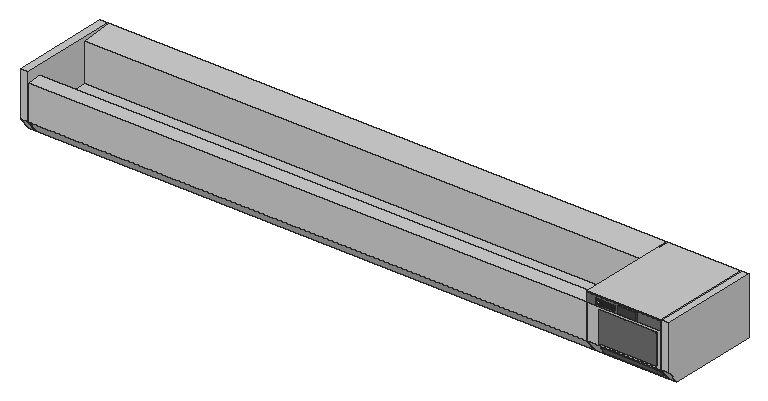
Revit family "Qf_Afinox_VRS2560S", category Specialty Equipment, Revit 2014
Parameters
  Show Logo [instance] = yes
  Show Clearance [instance] = yes
Reference planes
  plane 1 "Back": y = 0
  plane 2: z = 0
  plane 3 "Left": x = 0
  plane 4 "Right": x = 2560
  plane 5 "Front": y = -395
  plane 6 "Top": z = 225
Forms (mm)
  Extrusion 1, solid
    sketch origin (1460, 0, 0) x (0, 1, 0) y (0, 0, 1)
      loop
        line (0, 225) -> (-118.091, 213.424) -> (-118.091, 63.424) -> (-342.706, 63.424) -> (-342.706, 191.405) -> (-395, 186.278) -> (-395, 50) -> (-354.511, 0) -> (0, 0) -> (0, 225)
    from -1430 to 778
  Extrusion 2, solid
    sketch origin (0, 0, 0) x (0, 1, 0) y (0, 0, 1)
      loop
        line (0, 225) -> (-395, 225) -> (-395, 50) -> (-354.511, 0) -> (0, 0) -> (0, 225)
    from 0 to 30
  Extrusion 3, solid
    sketch origin (2530, 0, 0) x (0, 1, 0) y (0, 0, 1)
      loop
        line (0, 225) -> (-395, 225) -> (-395, 50) -> (-354.511, 0) -> (0, 0) -> (0, 225)
    from 0 to 30
  Extrusion 4, solid
    sketch origin (2500, 0, 0) x (0, 1, 0) y (0, 0, 1)
      loop
        line (0, 225) -> (-395, 225) -> (-395, 50) -> (-354.511, 0) -> (0, 0) -> (0, 225)
    from -262 to 30
  Extrusion 5, solid
    sketch origin (1460, -394, -0.038) x (1, 0, 0) y (0, 0, 1)
      loop
        arc (829.65, 178.011) -> (827.352, 177.059) -> (826.4, 174.761) r 3.25
        line (826.4, 174.761) -> (826.4, 59.261)
        arc (826.4, 59.261) -> (827.352, 56.963) -> (829.65, 56.011) r 3.25
        line (829.65, 56.011) -> (1050.15, 56.011)
        arc (1050.15, 56.011) -> (1052.448, 56.963) -> (1053.4, 59.261) r 3.25
        line (1053.4, 59.261) -> (1053.4, 174.761)
        arc (1053.4, 174.761) -> (1052.448, 177.059) -> (1050.15, 178.011) r 3.25
        line (1050.15, 178.011) -> (829.65, 178.011)
    from 0 to 2
  Extrusion 6, solid
    sketch origin (1460, -273.564, -98.372) x (1, 0, 0) y (0, -0.62932, 0.777146)
      loop
        arc (829.65, 178.011) -> (827.352, 177.059) -> (826.4, 174.761) r 3.25
        line (826.4, 174.761) -> (826.4, 141.843)
        arc (826.4, 141.843) -> (827.352, 139.544) -> (829.65, 138.593) r 3.25
        line (829.65, 138.593) -> (1050.15, 138.593)
        arc (1050.15, 138.593) -> (1052.448, 139.544) -> (1053.4, 141.843) r 3.25
        line (1053.4, 141.843) -> (1053.4, 174.761)
        arc (1053.4, 174.761) -> (1052.448, 177.059) -> (1050.15, 178.011) r 3.25
        line (1050.15, 178.011) -> (829.65, 178.011)
    from 0 to 2
  Extrusion 7, solid
    sketch origin (1452.335, -397, -1.215) x (1, 0, 0) y (0, 0, 1)
      loop
        line (912.065, 221.354) -> (912.065, 192.354) -> (983.065, 192.354) -> (983.065, 221.354) -> (912.065, 221.354)
    from 0 to 3
  Extrusion 8, solid, visible <- "Show Logo"
    sketch origin (2097.556, -397, -384.108) x (1, 0, 0) y (0, 0, 1)
      loop
        line (179.287, 599.596) -> (179.287, 579.899) -> (254.287, 579.899) -> (254.287, 599.596) -> (179.287, 599.596)
      loop
        line (199.226, 597.323) -> (199.226, 582.172) -> (253.014, 582.172) -> (253.014, 597.323) -> (199.226, 597.323)
      loop
        line (180.287, 597.323) -> (180.287, 582.172) -> (198.848, 582.172) -> (198.848, 597.323) -> (180.287, 597.323)
    from 0 to 2
  Extrusion 9, solid, visible <- "Show Logo"
    sketch origin (1304.53, -397, -622.718) x (1, 0, 0) y (0, 0, 1)
      loop
        arc (994.034, 825.04) -> (994.842, 823.416) -> (996.479, 824.198) r 1.293
        line (996.479, 824.198) -> (996.958, 825.22) -> (1000.192, 825.22) -> (1000.6, 824.198)
        arc (1000.6, 824.198) -> (1002.252, 823.366) -> (1003.039, 825.04) r 1.291
        line (1003.039, 825.04) -> (999.801, 832.415)
        arc (999.801, 832.415) -> (998.57, 833.402) -> (997.337, 832.418) r 1.263
        line (997.337, 832.418) -> (994.034, 825.04)
      loop
        line (999.576, 827.427) -> (998.603, 829.738) -> (997.631, 827.445) -> (999.576, 827.427)
      loop
        line (1004.344, 832.421) -> (1004.344, 824.556)
        arc (1004.344, 824.556) -> (1005.631, 823.448) -> (1006.918, 824.556) r 1.302
        line (1006.918, 824.556) -> (1006.918, 827.178) -> (1010.126, 827.178)
        arc (1010.126, 827.178) -> (1011.3, 828.493) -> (1010.126, 829.808) r 1.323
        line (1010.126, 829.808) -> (1006.918, 829.808) -> (1006.918, 830.954) -> (1010.126, 830.954)
        arc (1010.126, 830.954) -> (1011.264, 832.233) -> (1010.126, 833.511) r 1.287
        line (1010.126, 833.511) -> (1005.326, 833.511)
        arc (1005.326, 833.511) -> (1004.652, 833.13) -> (1004.344, 832.421) r 1.22
      loop
        line (1012.593, 832.457) -> (1012.593, 824.488)
        arc (1012.593, 824.488) -> (1013.928, 823.343) -> (1015.262, 824.488) r 1.35
        line (1015.262, 824.488) -> (1015.262, 832.457)
        arc (1015.262, 832.457) -> (1013.928, 833.516) -> (1012.593, 832.457) r 1.37
      loop
        arc (1019.372, 832.457) -> (1018.038, 833.516) -> (1016.703, 832.457) r 1.37
        line (1016.703, 832.457) -> (1016.703, 824.488)
        arc (1016.703, 824.488) -> (1018.038, 823.343) -> (1019.372, 824.488) r 1.35
        line (1019.372, 824.488) -> (1019.372, 828.473) -> (1022.448, 824.488)
        arc (1022.448, 824.488) -> (1023.783, 823.343) -> (1025.118, 824.488) r 1.35
        line (1025.118, 824.488) -> (1025.118, 832.457)
        arc (1025.118, 832.457) -> (1023.783, 833.516) -> (1022.448, 832.457) r 1.37
        line (1022.448, 832.457) -> (1022.448, 828.473) -> (1019.372, 832.457)
      loop
        circle (1031.159, 828.429) r 5.095
      loop
        circle (1031.159, 828.429) r 2.733
      loop
        line (1036.425, 831.5) -> (1038.763, 828.375) -> (1036.365, 825.267)
        arc (1036.365, 825.267) -> (1036.712, 823.621) -> (1038.393, 823.703) r 1.296
        line (1038.393, 823.703) -> (1040.42, 826.313) -> (1042.28, 823.703)
        arc (1042.28, 823.703) -> (1043.993, 823.58) -> (1044.434, 825.238) r 1.346
        line (1044.434, 825.238) -> (1042.048, 828.408) -> (1044.37, 831.408)
        arc (1044.37, 831.408) -> (1044.07, 833.196) -> (1042.269, 832.987) r 1.316
        line (1042.269, 832.987) -> (1040.366, 830.453) -> (1038.502, 833.054)
        arc (1038.502, 833.054) -> (1036.78, 833.19) -> (1036.425, 831.5) r 1.308
      loop
        line (1046.04, 835.933) -> (992.253, 835.933) -> (992.253, 820.782) -> (1046.04, 820.782) -> (1046.04, 835.933)
    from 0 to 2
  Extrusion 10, solid, visible <- "Show Logo"
    sketch origin (1297.402, -397, -442.664) x (1, 0, 0) y (0, 0, 1)
      loop
        line (980.441, 655.879) -> (980.441, 640.728) -> (999.001, 640.728) -> (999.001, 655.879) -> (980.441, 655.879)
      loop
        arc (982.146, 642.435) -> (982.404, 641.667) -> (983.211, 641.586) r 0.747
        line (983.211, 641.586) -> (989.781, 644.576) -> (996.334, 641.6)
        arc (996.334, 641.6) -> (997.088, 641.702) -> (997.296, 642.435) r 0.695
        line (997.296, 642.435) -> (990.231, 654.688)
        arc (990.231, 654.688) -> (989.721, 654.992) -> (989.211, 654.688) r 0.58
        line (989.211, 654.688) -> (982.146, 642.435)
    from 0 to 2
  Extrusion 11, solid, visible <- "Show Logo"
    sketch origin (1263.114, -397, -392.26) x (1, 0, 0) y (0, 0, 1)
      loop
        arc (1016.435, 592.031) -> (1016.693, 591.262) -> (1017.5, 591.182) r 0.747
        line (1017.5, 591.182) -> (1024.07, 594.172) -> (1030.623, 591.195)
        arc (1030.623, 591.195) -> (1031.377, 591.298) -> (1031.584, 592.031) r 0.695
        line (1031.584, 592.031) -> (1024.52, 604.283)
        arc (1024.52, 604.283) -> (1024.01, 604.588) -> (1023.5, 604.283) r 0.58
        line (1023.5, 604.283) -> (1016.435, 592.031)
      loop
        arc (1035.45, 594.582) -> (1036.258, 592.958) -> (1037.895, 593.739) r 1.293
        line (1037.895, 593.739) -> (1038.374, 594.762) -> (1041.608, 594.762) -> (1042.016, 593.739)
        arc (1042.016, 593.739) -> (1043.668, 592.908) -> (1044.455, 594.582) r 1.291
        line (1044.455, 594.582) -> (1041.218, 601.957)
        arc (1041.218, 601.957) -> (1039.986, 602.943) -> (1038.753, 601.959) r 1.263
        line (1038.753, 601.959) -> (1035.45, 594.582)
      loop
        line (1040.992, 596.969) -> (1040.02, 599.279) -> (1039.047, 596.987) -> (1040.992, 596.969)
      loop
        arc (1045.76, 594.097) -> (1047.047, 592.99) -> (1048.334, 594.097) r 1.302
        line (1048.334, 594.097) -> (1048.334, 596.72) -> (1051.542, 596.72)
        arc (1051.542, 596.72) -> (1052.716, 598.035) -> (1051.542, 599.35) r 1.323
        line (1051.542, 599.35) -> (1048.334, 599.35) -> (1048.334, 600.496) -> (1051.542, 600.496)
        arc (1051.542, 600.496) -> (1052.681, 601.774) -> (1051.542, 603.052) r 1.287
        line (1051.542, 603.052) -> (1046.742, 603.052)
        arc (1046.742, 603.052) -> (1046.069, 602.672) -> (1045.76, 601.962) r 1.22
        line (1045.76, 601.962) -> (1045.76, 594.097)
      loop
        arc (1054.01, 594.029) -> (1055.344, 592.884) -> (1056.679, 594.029) r 1.35
        line (1056.679, 594.029) -> (1056.679, 601.999)
        arc (1056.679, 601.999) -> (1055.344, 603.058) -> (1054.01, 601.999) r 1.37
        line (1054.01, 601.999) -> (1054.01, 594.029)
      loop
        arc (1058.12, 594.029) -> (1059.454, 592.884) -> (1060.789, 594.029) r 1.35
        line (1060.789, 594.029) -> (1060.789, 598.014) -> (1063.865, 594.029)
        arc (1063.865, 594.029) -> (1065.199, 592.884) -> (1066.534, 594.029) r 1.35
        line (1066.534, 594.029) -> (1066.534, 601.999)
        arc (1066.534, 601.999) -> (1065.199, 603.058) -> (1063.865, 601.999) r 1.37
        line (1063.865, 601.999) -> (1063.865, 598.014) -> (1060.789, 601.999)
        arc (1060.789, 601.999) -> (1059.454, 603.058) -> (1058.12, 601.999) r 1.37
        line (1058.12, 601.999) -> (1058.12, 594.029)
      loop
        circle (1072.575, 597.971) r 5.095
      loop
        circle (1072.575, 597.971) r 2.733
      loop
        line (1080.18, 597.917) -> (1077.782, 594.809)
        arc (1077.782, 594.809) -> (1078.129, 593.163) -> (1079.809, 593.245) r 1.296
        line (1079.809, 593.245) -> (1081.836, 595.854) -> (1083.697, 593.245)
        arc (1083.697, 593.245) -> (1085.409, 593.121) -> (1085.851, 594.78) r 1.346
        line (1085.851, 594.78) -> (1083.464, 597.949) -> (1085.787, 600.95)
        arc (1085.787, 600.95) -> (1085.486, 602.737) -> (1083.686, 602.528) r 1.316
        line (1083.686, 602.528) -> (1081.782, 599.994) -> (1079.918, 602.596)
        arc (1079.918, 602.596) -> (1078.197, 602.731) -> (1077.841, 601.041) r 1.308
        line (1077.841, 601.041) -> (1080.18, 597.917)
    from 0 to 2
  Extrusion 12, solid
    sketch origin (1325.935, -395, 3.646) x (1, 0, 0) y (0, 0, 1)
      loop
        line (912.065, 221.354) -> (912.065, 182.633) -> (1204.065, 182.633) -> (1204.065, 221.354) -> (912.065, 221.354)
    from 0 to 2
  Extrusion 13, solid
    sketch origin (1460, -6.8, 0) x (1, 0, 0) y (0, 0, 1)
      loop
        circle (1050, 20) r 5
    from -17.6 to -6.8
  Extrusion 14, solid
    sketch origin (1460, 0, 0) x (1, 0, 0) y (0, 0, 1)
      loop
        line (-1430, 13) -> (1070, 13) -> (1070, 186) -> (-1430, 186) -> (-1430, 13)
      loop
        circle (1050, 20) r 5
    from -10.8 to 0
Lines and regions (mm)
  symbolic lines, style "200-EquipBorder-2D"
    curve 1: line (0, 0, 0) -> (2560, 0, 0)
    curve 2: line (0, -395, 0) -> (0, 0, 0)
    curve 3: line (2560, -395, 0) -> (0, -395, 0)
    curve 4: line (2560, 0, 0) -> (2560, -395, 0)
    curve 10: line (30, 0, 0) -> (30, 10.8, 0)
    curve 11: line (30, 10.8, 0) -> (2530, 10.8, 0)
    curve 12: line (2530, 10.8, 0) -> (2530, 0, 0)
  symbolic lines, style "200-EquipInternal-2D"
    curve 5: line (30, 0, 0) -> (30, -395, 0)
    curve 6: line (2238, 0, 0) -> (2238, -395, 0)
    curve 7: line (2530, 0, 0) -> (2530, -395, 0)
    curve 8: line (2238, -342.706, 0) -> (30, -342.706, 0)
    curve 9: line (30, -118.091, 0) -> (2238, -118.091, 0)
Dimensions and locks
  plane 3 "Left" to plane 4 "Right" = 2560 mm
  plane 5 "Front" to plane 1 "Back" = 395 mm
  plane 6 "Top" to level = 225 mm
  aligned and locked: level to plane 2
  aligned and locked: Extrusion 1 to Extrusion 2
  aligned and locked: Extrusion 14 to Extrusion 1
Connectors
  electrical at (2510, 10.8, 20)
    settings: on Extrusion 13, index 1, voltage 0 V, apparent load 0 VA, apparent load phase1 0 VA, apparent load phase2 0 VA, apparent load phase3 0 VA, power factor 1, load classification "Other", number of poles 1, system type 31, power factor state 1, is connector primary yes, connector utility no, sub classification motor no, connector description "Electrical connection"
